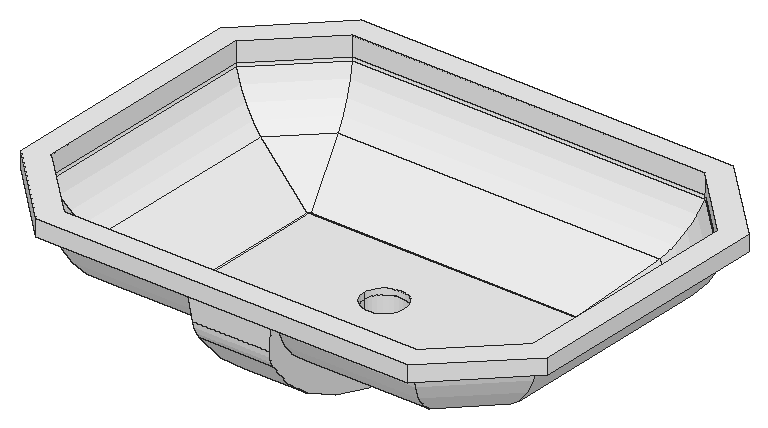
Revit family "xxxBasin-Undercounter-DXV-Belshire-D20205000", category Plumbing Fixtures, Revit 2019
Family settings
  Round Connector Dimension = Use Diameter
  Part Type = Normal
  OmniClass Number = 23.45.05.14.14
  OmniClass Title = Sinks/Lavatories
  Work Plane-Based = Yes
  Always vertical = No
  Cut with Voids When Loaded = Yes
  Shared = Yes
  Room Calculation Point = No
Parameters (values of type "D20205000.415")
  Width = 19"
  Waste Connection Height = 21"
  Waste Connection Diameter = 1 1/4"
  Waste Connection = yes
  Warranty Documentation Link = "https://www.dxv.com/-/media/files/dxv/warranty/dxv_warranty_booklet.ashx"
  WFU = 2
  Vent Connection = no
  URL = "https://www.dxv.com/"
  Revised Date = "04/18/2022"
  Product Page URL = "https://www.dxv.com/product/belshire-undermount-sink"
  Product Documentation Link = "https://dxv01.blob.core.windows.net/dxv-product-pdf-files/spec_D20205000_Belshire_uc_sink.pdf"
  Price = "Prices may vary. Please consult Manufacturer Representative for most up-to-date price list."  # constant formula
  Overflow Location = "Front"
  Optional Belshire Grid Drain D35170460.XXX = no
  Model = "D20205000.415"
  Material = "Vitreous China-DXV-415-Canvas White-Glossy"
  Manufacturer = "DXV"
  Length = 14 5/8"
  Installation Type = "Undermount"
  Hot Water Connection Width = 4"
  Hot Water Connection Height = 23 1/2"
  Hot Water Connection Diameter = 3/8"
  Height = 5 1/2"
  HWFU = 1.5
  HW Connection = yes
  Finish = Vitreous China-DXV-415-Canvas White-Glossy
  Description = "DXV Belshire Undermount Sink"
  Default Elevation = 34"
  Creation Date = "7/10/2020"  # constant formula
  Compliance Certifications = "Meets or Exceeds ASME A112.29.2 / CSA B45.1"
  Cold Water Connection Width = 4"
  Cold Water Connection Height = Hot Water Connection Height  # 23 1/2"
  Cold Water Connection Diameter = 3/8"
  CWFU = 1.5
  CW Connection = yes
  Basin Shape = "Rectangular"
  Assembly Code = "D2010310"
Reference planes (in)
  plane 1 "Center (Front/Back)": y = 0
  plane 2: z = 0
  plane 3 "Center (Left/Right)": x = 0
  plane 4: y = -2
  plane 5: y = -4
  plane 6: z = -0.75
  plane 7: z = -34
  plane 8: z = -13
  plane 9: z = -10.5
  plane 10: x = -4
  plane 11: x = 4
  plane 12: y = -0.03125
  plane 13: y = -18.625
  plane 14: x = -9.5
  plane 15: x = 9.5
  plane 16: z = -6.25
  plane 17: z = -4.25
  plane 18: z = -1.3125
  plane 19: x = -4
  plane 20: x = 4
  plane 21: y = -4.8125
  plane 22: y = -17.8125
  plane 23: y = -11.3125
  plane 24: x = -8.6875
  plane 25: x = 8.6875
Forms (in)
  Extrusion 1, solid, material "Vitreous China-DXV-415-Canvas White-Glossy" <- "Finish"
    sketch origin (0, 0, 0) x (1, 0, 0) y (0, 1, 0)
      loop
        line (6.68998, -4) -> (-6.68998, -4) -> (-9.5, -6.81002) -> (-9.5, -15.81498) -> (-6.68998, -18.625) -> (6.68998, -18.625) -> (9.5, -15.81498) -> (9.5, -6.81002) -> (6.68998, -4)
      loop
        line (-8.6875, -7.14656) -> (-8.6875, -15.47844) -> (-6.35344, -17.8125) -> (6.35344, -17.8125) -> (8.6875, -15.47844) -> (8.6875, -7.14656) -> (6.35344, -4.8125) -> (-6.35344, -4.8125) -> (-8.6875, -7.14656)
    from -1.3125 to -0.75
  Revolve 2, solid, material "Vitreous China-DXV-415-Canvas White-Glossy" <- "Finish"
    sketch origin (0, -11.3125, -0.14189) x (1, 0, 0) y (0, 0, 1)
      loop
        line (0.75, -6.10811) -> (1.12047, -6.10811)
        arc (1.12047, -6.10811) -> (1.20248, -6.07745) -> (1.24425, -6.00051) r 0.125
        line (1.24425, -6.00051) -> (1.47986, -4.3241) -> (0.75, -4.3241) -> (0.75, -6.10811)
      axis (0, -6.10811) -> (0, -4.3241)
    angle from 0 to 360
  Extrusion 3, void
    sketch origin (0, 0.75, 0) x (1, 0, 0) y (0, 1, 0)
      loop
        circle (0, -12.0625) r 0.75
    from -6.25 to -3.75
  Extrusion 4, void
    sketch origin (0, 0, -11.85438) x (1, 0, 0) y (0, 0, 1)
      loop
        circle (0, 9.75282) r 0.1875
      loop
        circle (0.75, 9.75282) r 0.1875
      loop
        circle (-0.75, 9.75282) r 0.1875
    from 17.17056 to 18.10795
  Extrusion 5, void
    sketch origin (0, 0, 0) x (1, 0, 0) y (0, 1, 0)
      loop
        line (-8.6875, -7.14656) -> (-8.6875, -15.47844) -> (-6.35344, -17.8125) -> (6.35344, -17.8125) -> (8.6875, -15.47844) -> (8.6875, -7.14656) -> (6.35344, -4.8125) -> (-6.35344, -4.8125) -> (-8.6875, -7.14656)
    from -6.25 to 0
  Extrusion 6, solid, material "Vitreous China-DXV-415-Canvas White-Glossy" <- "Finish", not visible
    sketch origin (0, 0, 0) x (1, 0, 0) y (0, 0, 1)
      loop
        circle (0, -13) r 0.625
      loop
        circle (-4, -10.5) r 0.1875
      loop
        circle (4, -10.5) r 0.1875
    from 0 to 0.03125
  Extrusion 7, void
    sketch origin (0.30804, 0, -4.61572) x (1, 0, 0) y (0, 0, 1)
      loop
        line (-1.28133, -1.23637) -> (-1.8154, 3.30322) -> (-2.40742, 3.30322) -> (-2.40742, -1.63428) -> (1.79134, -1.63428) -> (1.79134, 3.30322) -> (1.19931, 3.30322) -> (0.66524, -1.23637) -> (-1.28133, -1.23637)
    from 7.14656 to 18.625
  Extrusion 8, solid, material "Vitreous China-DXV-415-Canvas White-Glossy" <- "Finish"
    sketch origin (0.22014, 0, 0) x (0, 1, 0) y (0, 0, 1)
      loop
        arc (-18.20634, -2.36293) -> (-18.13436, -2.68521) -> (-17.9805, -2.97739) r 1.25
        arc (-17.9805, -2.97739) -> (-17.16398, -3.91721) -> (-16.17985, -4.67975) r 6.35305
        arc (-16.17985, -4.67975) -> (-14.15052, -5.61644) -> (-11.94965, -6.00599) r 8.71213
        line (-11.94965, -6.00599) -> (-11.94965, -4.40671) -> (-13.92909, -4.40671)
        arc (-13.92909, -4.40671) -> (-15.28954, -3.94032) -> (-16.56811, -3.28182) r 9.90494
        arc (-16.56811, -3.28182) -> (-17.48246, -2.43986) -> (-18.0059, -1.3125) r 3.19201
        line (-18.0059, -1.3125) -> (-18.29824, -1.3125) -> (-18.20634, -2.36293)
    from -1.84514 to 1.40486
  Sweep 9, solid, material "Vitreous China-DXV-415-Canvas White-Glossy" <- "Finish"
    path origin (-60.41868, -180, -1.3125) x (-1, 0, 0) y (0, -1, 0)
      loop
        line (-54.06525, -175.1875) -> (-51.73118, -172.85344) -> (-51.73118, -164.52156) -> (-54.06525, -162.1875) -> (-66.77212, -162.1875) -> (-69.10618, -164.52156) -> (-69.10618, -172.85344) -> (-66.77212, -175.1875) -> (-54.06525, -175.1875)
    profile origin (0, -4.8125, -1.3125) x (0, 1, 0) y (0, 0, 1)
      loop
        line (0.25768, -0.00005) -> (0, -0.00005) -> (0, -0.13123)
        arc (0, -0.13123) -> (-0.00513, -0.19092) -> (-0.02037, -0.24887) r 0.34991
        arc (-0.02037, -0.24887) -> (-0.53931, -1.14927) -> (-1.34214, -1.80918) r 2.90289
        arc (-1.34214, -1.80918) -> (-2.56232, -2.42254) -> (-3.82992, -2.93072) r 16.16632
        arc (-3.82992, -2.93072) -> (-3.84945, -2.93579) -> (-3.86956, -2.9375) r 0.11918
        line (-3.86956, -2.9375) -> (-3.93668, -2.9375) -> (-3.93668, -3.15349) -> (-3.86309, -3.15349)
        arc (-3.86309, -3.15349) -> (-2.49636, -2.68442) -> (-1.21182, -2.02266) r 9.96744
        arc (-1.21182, -2.02266) -> (-0.27511, -1.15809) -> (0.25768, -0.00005) r 3.25451
  Extrusion 10, solid, material "Vitreous China-DXV-415-Canvas White-Glossy" <- "Finish"
    sketch origin (-60.41868, -180, -1.3125) x (-1, 0, 0) y (0, -1, 0)
      loop
        line (-55.66786, -166.15219) -> (-55.69587, -166.12418) -> (-65.14149, -166.12418) -> (-65.1695, -166.15219) -> (-65.1695, -171.22281) -> (-65.14149, -171.25082) -> (-55.69587, -171.25082) -> (-55.66786, -171.22281) -> (-55.66786, -166.15219)
    from -3.15349 to -2.9375
Cuts and joins
  Extrusion 4 cuts Extrusion 1
  Extrusion 4 cuts Revolve 2
  Extrusion 3, Extrusion 4, Extrusion 7 cuts Extrusion 8
  Extrusion 4 cuts Sweep 9
  Extrusion 3, Extrusion 4 cuts Extrusion 10
  joined: Extrusion 1, Revolve 2, Extrusion 8, Sweep 9, Extrusion 10
Lines and regions (in)
  Masking region 1
    outline origin (-60.41868, -180, -1.3125) x (-1, 0, 0) y (0, -1, 0)
      loop
        line (-53.7287, -176) -> (-50.91868, -173.18998) -> (-50.91868, -164.18502) -> (-53.7287, -161.375) -> (-67.10867, -161.375) -> (-69.91868, -164.18502) -> (-69.91868, -173.18998) -> (-67.10867, -176) -> (-53.7287, -176)
  symbolic lines, detail levels medium+fine
    curve 1: line (-6.35344, -4.8125, -1.3125) -> (-8.6875, -7.14656, -1.3125)
    curve 2: line (-8.6875, -7.14656, -1.3125) -> (-8.6875, -15.47844, -1.3125)
    curve 3: line (-8.6875, -15.47844, -1.3125) -> (-6.35344, -17.8125, -1.3125)
    curve 4: line (-6.35344, -17.8125, -1.3125) -> (6.35344, -17.8125, -1.3125)
    curve 5: line (6.35344, -17.8125, -1.3125) -> (8.6875, -15.47844, -1.3125)
    curve 6: line (8.6875, -15.47844, -1.3125) -> (8.6875, -7.14656, -1.3125)
    curve 7: line (8.6875, -7.14656, -1.3125) -> (6.35344, -4.8125, -1.3125)
    curve 8: line (6.35344, -4.8125, -1.3125) -> (-6.35344, -4.8125, -1.3125)
    curve 9: circle (0, -11.3125, -1.3125) r 0.75 normal (0, 0, 1)
    curve 10: spline (-4.85758, -8.73297, -1.3125) -> (-5.07089, -8.64442, -1.3125) -> (-5.28325, -8.55631, -1.3125) -> (-5.49462, -8.46863, -1.3125) -> (-5.70496, -8.38142, -1.3125) -> (-5.91423, -8.29469, -1.3125) -> (-6.12239, -8.20845, -1.3125) -> (-6.32941, -8.12271, -1.3125) -> (-6.53526, -8.0375, -1.3125) -> (-6.73989, -7.95283, -1.3125) -> (-6.94327, -7.86871, -1.3125) -> (-7.14535, -7.78515, -1.3125) -> (-7.34612, -7.70218, -1.3125)
    curve 11: spline (-4.76703, -8.64242, -1.3125) -> (-4.85525, -8.42897, -1.3125) -> (-4.94311, -8.2165, -1.3125) -> (-5.03057, -8.00505, -1.3125) -> (-5.11764, -7.79465, -1.3125) -> (-5.20428, -7.58535, -1.3125) -> (-5.2905, -7.37717, -1.3125) -> (-5.37626, -7.17016, -1.3125) -> (-5.46156, -6.96435, -1.3125) -> (-5.54638, -6.75978, -1.3125) -> (-5.63071, -6.55649, -1.3125) -> (-5.71452, -6.35451, -1.3125) -> (-5.79782, -6.15388, -1.3125)
    curve 12: spline (4.76703, -8.64242, -1.3125) -> (4.85558, -8.42911, -1.3125) -> (4.94369, -8.21675, -1.3125) -> (5.03137, -8.00538, -1.3125) -> (5.11858, -7.79504, -1.3125) -> (5.20531, -7.58577, -1.3125) -> (5.29155, -7.37761, -1.3125) -> (5.37729, -7.17059, -1.3125) -> (5.4625, -6.96474, -1.3125) -> (5.54717, -6.76011, -1.3125) -> (5.63129, -6.55673, -1.3125) -> (5.71485, -6.35465, -1.3125) -> (5.79782, -6.15388, -1.3125)
    curve 13: spline (7.34612, -7.70218, -1.3125) -> (7.14549, -7.78548, -1.3125) -> (6.94351, -7.86929, -1.3125) -> (6.74022, -7.95362, -1.3125) -> (6.53565, -8.03844, -1.3125) -> (6.32984, -8.12374, -1.3125) -> (6.12283, -8.2095, -1.3125) -> (5.91465, -8.29572, -1.3125) -> (5.70535, -8.38236, -1.3125) -> (5.49495, -8.46943, -1.3125) -> (5.2835, -8.55689, -1.3125) -> (5.07103, -8.64475, -1.3125) -> (4.85758, -8.73297, -1.3125)
    curve 14: spline (4.85758, -13.89203, -1.3125) -> (5.07089, -13.98058, -1.3125) -> (5.28325, -14.06869, -1.3125) -> (5.49462, -14.15637, -1.3125) -> (5.70496, -14.24358, -1.3125) -> (5.91423, -14.33031, -1.3125) -> (6.12239, -14.41655, -1.3125) -> (6.32941, -14.50229, -1.3125) -> (6.53526, -14.5875, -1.3125) -> (6.73989, -14.67217, -1.3125) -> (6.94327, -14.75629, -1.3125) -> (7.14535, -14.83985, -1.3125) -> (7.34612, -14.92282, -1.3125)
    curve 15: spline (5.79782, -16.47112, -1.3125) -> (5.71452, -16.27049, -1.3125) -> (5.63071, -16.06851, -1.3125) -> (5.54638, -15.86522, -1.3125) -> (5.46156, -15.66065, -1.3125) -> (5.37626, -15.45484, -1.3125) -> (5.2905, -15.24783, -1.3125) -> (5.20428, -15.03965, -1.3125) -> (5.11764, -14.83035, -1.3125) -> (5.03057, -14.61995, -1.3125) -> (4.94311, -14.4085, -1.3125) -> (4.85525, -14.19603, -1.3125) -> (4.76703, -13.98258, -1.3125)
    curve 16: spline (-4.76703, -13.98258, -1.3125) -> (-4.85558, -14.19589, -1.3125) -> (-4.94369, -14.40825, -1.3125) -> (-5.03137, -14.61962, -1.3125) -> (-5.11858, -14.82996, -1.3125) -> (-5.20531, -15.03923, -1.3125) -> (-5.29155, -15.24739, -1.3125) -> (-5.37729, -15.45441, -1.3125) -> (-5.4625, -15.66026, -1.3125) -> (-5.54717, -15.86489, -1.3125) -> (-5.63129, -16.06827, -1.3125) -> (-5.71485, -16.27035, -1.3125) -> (-5.79782, -16.47112, -1.3125)
    curve 17: spline (-7.34612, -14.92282, -1.3125) -> (-7.14549, -14.83952, -1.3125) -> (-6.94351, -14.75571, -1.3125) -> (-6.74022, -14.67138, -1.3125) -> (-6.53565, -14.58656, -1.3125) -> (-6.32984, -14.50126, -1.3125) -> (-6.12283, -14.4155, -1.3125) -> (-5.91465, -14.32928, -1.3125) -> (-5.70535, -14.24264, -1.3125) -> (-5.49495, -14.15557, -1.3125) -> (-5.2835, -14.06811, -1.3125) -> (-5.07103, -13.98025, -1.3125) -> (-4.85758, -13.89203, -1.3125)
    curve 18: spline (-8.66756, -15.47017, -1.3125) -> (-8.60163, -15.44188, -1.3125) -> (-8.52651, -15.40997, -1.3125) -> (-8.44249, -15.37454, -1.3125) -> (-8.34987, -15.33573, -1.3125) -> (-8.249, -15.29368, -1.3125) -> (-8.14023, -15.24853, -1.3125) -> (-8.02397, -15.20047, -1.3125) -> (-7.90065, -15.14966, -1.3125) -> (-7.77072, -15.09629, -1.3125) -> (-7.63465, -15.04056, -1.3125) -> (-7.49295, -14.98266, -1.3125) -> (-7.34612, -14.92282, -1.3125)
    curve 19: spline (-5.79782, -16.47112, -1.3125) -> (-5.85932, -16.61726, -1.3125) -> (-5.91859, -16.7584, -1.3125) -> (-5.97539, -16.89402, -1.3125) -> (-6.02953, -17.02364, -1.3125) -> (-6.0808, -17.14677, -1.3125) -> (-6.12902, -17.26296, -1.3125) -> (-6.17401, -17.37179, -1.3125) -> (-6.21561, -17.47285, -1.3125) -> (-6.25365, -17.56579, -1.3125) -> (-6.28801, -17.65025, -1.3125) -> (-6.31856, -17.72593, -1.3125) -> (-6.34518, -17.79256, -1.3125)
    curve 20: spline (6.34517, -17.79256, -1.3125) -> (6.31688, -17.72663, -1.3125) -> (6.28497, -17.65151, -1.3125) -> (6.24954, -17.56749, -1.3125) -> (6.21073, -17.47487, -1.3125) -> (6.16868, -17.374, -1.3125) -> (6.12353, -17.26523, -1.3125) -> (6.07547, -17.14897, -1.3125) -> (6.02466, -17.02565, -1.3125) -> (5.97129, -16.89572, -1.3125) -> (5.91556, -16.75965, -1.3125) -> (5.85766, -16.61795, -1.3125) -> (5.79782, -16.47112, -1.3125)
    curve 21: spline (7.34612, -14.92282, -1.3125) -> (7.49226, -14.98432, -1.3125) -> (7.6334, -15.04359, -1.3125) -> (7.76902, -15.10039, -1.3125) -> (7.89864, -15.15453, -1.3125) -> (8.02177, -15.2058, -1.3125) -> (8.13796, -15.25402, -1.3125) -> (8.24679, -15.29901, -1.3125) -> (8.34785, -15.34061, -1.3125) -> (8.44079, -15.37865, -1.3125) -> (8.52525, -15.41301, -1.3125) -> (8.60093, -15.44356, -1.3125) -> (8.66756, -15.47018, -1.3125)
    curve 22: spline (8.66756, -7.15483, -1.3125) -> (8.60163, -7.18312, -1.3125) -> (8.52651, -7.21503, -1.3125) -> (8.44249, -7.25046, -1.3125) -> (8.34987, -7.28927, -1.3125) -> (8.249, -7.33132, -1.3125) -> (8.14023, -7.37647, -1.3125) -> (8.02397, -7.42453, -1.3125) -> (7.90065, -7.47534, -1.3125) -> (7.77072, -7.52871, -1.3125) -> (7.63465, -7.58444, -1.3125) -> (7.49295, -7.64234, -1.3125) -> (7.34612, -7.70218, -1.3125)
    curve 23: spline (5.79782, -6.15388, -1.3125) -> (5.85932, -6.00774, -1.3125) -> (5.91859, -5.8666, -1.3125) -> (5.97539, -5.73098, -1.3125) -> (6.02953, -5.60136, -1.3125) -> (6.0808, -5.47823, -1.3125) -> (6.12902, -5.36204, -1.3125) -> (6.17401, -5.25321, -1.3125) -> (6.21561, -5.15215, -1.3125) -> (6.25365, -5.05921, -1.3125) -> (6.28801, -4.97475, -1.3125) -> (6.31856, -4.89907, -1.3125) -> (6.34518, -4.83244, -1.3125)
    curve 24: spline (-5.79782, -6.15388, -1.3125) -> (-5.85766, -6.00705, -1.3125) -> (-5.91556, -5.86535, -1.3125) -> (-5.97129, -5.72928, -1.3125) -> (-6.02466, -5.59935, -1.3125) -> (-6.07547, -5.47603, -1.3125) -> (-6.12353, -5.35977, -1.3125) -> (-6.16868, -5.251, -1.3125) -> (-6.21073, -5.15013, -1.3125) -> (-6.24954, -5.05751, -1.3125) -> (-6.28497, -4.97349, -1.3125) -> (-6.31688, -4.89837, -1.3125) -> (-6.34517, -4.83244, -1.3125)
    curve 25: spline (-7.34612, -7.70218, -1.3125) -> (-7.49226, -7.64068, -1.3125) -> (-7.6334, -7.58141, -1.3125) -> (-7.76902, -7.52461, -1.3125) -> (-7.89864, -7.47047, -1.3125) -> (-8.02177, -7.4192, -1.3125) -> (-8.13796, -7.37098, -1.3125) -> (-8.24679, -7.32599, -1.3125) -> (-8.34785, -7.28439, -1.3125) -> (-8.44079, -7.24635, -1.3125) -> (-8.52525, -7.21199, -1.3125) -> (-8.60093, -7.18144, -1.3125) -> (-8.66756, -7.15482, -1.3125)
Dimensions and locks (in)
  plane 4 to plane 1 "Center (Front/Back)" = 2"
  plane 5 to plane 4 = 2"
  "Hot Water Connection Width": plane 10 to plane 3 "Center (Left/Right)"
  "Cold Water Connection Width": plane 11 to plane 3 "Center (Left/Right)"
  "Waste Connection Height": plane 8 to plane 7
  "Hot Water Connection Height": plane 9 to plane 7
  "Default Elevation": level to plane 7
  level to plane 6 = 3/4"
  locked: plane 12 to plane 1 "Center (Front/Back)" at 0.03125
  "Length": plane 13 to plane 5
  "Width": plane 14 to plane 15
  "Height": plane 6 to plane 16
  plane 6 to plane 17 = 3 1/2"
  plane 20 to plane 3 "Center (Left/Right)" to plane 19 = 4", 4"
  plane 22 to plane 21 = 13"
  plane 24 to plane 25 = 17 3/8"
  equal spacing: plane 24, plane 3 "Center (Left/Right)", plane 25
  equal spacing: plane 22, plane 23, plane 21
  plane 6 to plane 18 = 9/16"
  aligned and locked: plane 10 to Extrusion 6 sketch curve
  aligned and locked: plane 9 to Extrusion 6 sketch curve  (x2)
  aligned and locked: plane 11 to Extrusion 6 sketch curve
  aligned and locked: plane 3 "Center (Left/Right)" to Extrusion 6 sketch curve
  aligned and locked: plane 8 to Extrusion 6 sketch curve
  aligned and locked: Extrusion 6 to plane 1 "Center (Front/Back)"
  aligned and locked: plane 12 to Extrusion 6
  aligned and locked: plane 1 "Center (Front/Back)" to Extrusion 6
  aligned and locked: Extrusion 6 to plane 12
  aligned and locked: Extrusion 1 to plane 18
  aligned and locked: Extrusion 1 sketch curve to plane 5
  aligned and locked: Extrusion 1 sketch curve to plane 14
  aligned and locked: Extrusion 1 sketch curve to plane 13
  aligned and locked: Extrusion 1 sketch curve to plane 15
  aligned and locked: Extrusion 1 sketch curve to plane 24
  aligned and locked: Extrusion 1 sketch curve to plane 21
  aligned and locked: Extrusion 1 sketch curve to plane 25
  aligned and locked: Extrusion 1 sketch curve to plane 22
  aligned and locked: cut or joined group of Extrusion 1, Revolve 2, Extrusion 3, Extrusion 4, Extrusion 7, Extrusion 8, Sweep 9, Extrusion 10 to Sweep 9 sketch curve  (x4)
  aligned and locked: Extrusion 7 to cut or joined group of Extrusion 1, Revolve 2, Extrusion 3, Extrusion 4, Extrusion 7, Extrusion 8, Sweep 9, Extrusion 10
  aligned and locked: Revolve 2 sketch curve to cut or joined group of Extrusion 1, Revolve 2, Extrusion 3, Extrusion 4, Extrusion 7, Extrusion 8, Sweep 9, Extrusion 10
  aligned and locked: plane 16 to Extrusion 7 sketch curve
  aligned and locked: Extrusion 10 sketch curve to cut or joined group of Extrusion 1, Revolve 2, Extrusion 3, Extrusion 4, Extrusion 7, Extrusion 8, Sweep 9, Extrusion 10  (x8)
  aligned and locked: Extrusion 5 sketch curve to cut or joined group of Extrusion 1, Revolve 2, Extrusion 3, Extrusion 4, Extrusion 7, Extrusion 8, Sweep 9, Extrusion 10  (x8)
  aligned and locked: Extrusion 5 to cut or joined group of Extrusion 1, Revolve 2, Extrusion 3, Extrusion 4, Extrusion 7, Extrusion 8, Sweep 9, Extrusion 10
  aligned and locked: Extrusion 7 to Extrusion 1  (x2)
  aligned and locked: curve 1 to Extrusion 5
  aligned and locked: curve 2 to Extrusion 5
  aligned and locked: curve 3 to Extrusion 5
  aligned and locked: curve 4 to Extrusion 5
  aligned and locked: curve 5 to Extrusion 5
  aligned and locked: curve 6 to Extrusion 5
  aligned and locked: curve 7 to Extrusion 5
  aligned and locked: curve 8 to Extrusion 5
  aligned and locked: curve 9 to cut or joined group of Extrusion 1, Revolve 2, Extrusion 3, Extrusion 4, Extrusion 7, Extrusion 8, Sweep 9, Extrusion 10
  aligned and locked: Masking region 1 sketch curve to cut or joined group of Extrusion 1, Revolve 2, Extrusion 3, Extrusion 4, Extrusion 7, Extrusion 8, Sweep 9, Extrusion 10  (x8)
Automatic sketch dimensions
  Extrusion 3 sketch curve to plane 3 "Center (Left/Right)" = 0"
  Extrusion 4 sketch curve to plane 3 "Center (Left/Right)" = 0"
  Extrusion 4 sketch curve to plane 3 "Center (Left/Right)" = 3/4"
  Extrusion 4 sketch curve to Extrusion 4 sketch curve = 3/4"
  Extrusion 4 sketch curve to plane 6 = 1 45/128"  (x2)
  Extrusion 4 sketch curve to Extrusion 4 sketch curve = 0"
  plane 23 to Extrusion 3 sketch curve = 0"
  plane 24 to Sweep 9 sketch curve = 2.33406"  (x2)
  plane 21 to Sweep 9 sketch curve = 2.33406"  (x2)
  Sweep 9 sketch curve to Sweep 9 sketch curve = 2.33406"
  Sweep 9 sketch curve to plane 22 = 2.33406"  (x2)
  Sweep 9 sketch curve to plane 25 = 2.33406"
  plane 24 to Extrusion 1 sketch curve = 1.99752"  (x2)
  Extrusion 1 sketch curve to Extrusion 1 sketch curve = 0.33655"  (x8)
  Extrusion 1 sketch curve to plane 25 = 2.33406"  (x2)
  Extrusion 1 sketch curve to plane 22 = 1.99752"  (x2)
  plane 21 to Extrusion 1 sketch curve = 2.33406"  (x2)
  Revolve 2 sketch curve to plane 3 "Center (Left/Right)" = 0"
  Revolve 2 sketch curve to plane 16 = 0"
  plane 3 "Center (Left/Right)" to Revolve 2 sketch curve = 3/4"
  Revolve 2 sketch curve to Revolve 2 sketch curve = 0.37047"
  plane 16 to Revolve 2 sketch curve = 0.1076"
  Revolve 2 sketch curve to Revolve 2 sketch curve = 0.12378"
  Revolve 2 sketch curve to Revolve 2 sketch curve = 0.72986"
  Revolve 2 sketch curve to plane 16 = 3/4"
  plane 17 to Revolve 2 sketch curve = 3/4"
  Sweep 9 sketch curve to profile plane = 0"
  Sweep 9 sketch curve to plane 18 = 0.13123"
  Sweep 9 sketch curve to Sweep 9 sketch curve = 0.34991"
  plane 18 to Sweep 9 sketch curve = 0.72708"
  Sweep 9 sketch curve to Sweep 9 sketch curve = 2.40437"
  Sweep 9 sketch curve to Sweep 9 sketch curve = 0.15379"
  profile plane to Sweep 9 sketch curve = 3.86309"
  Sweep 9 sketch curve to Sweep 9 sketch curve = 0.00647"
  Sweep 9 sketch curve to Sweep 9 sketch curve = 0.07359"
  profile plane to Sweep 9 sketch curve = 6.40686"
  Sweep 9 sketch curve to Sweep 9 sketch curve = 2.79956"
  Sweep 9 sketch curve to plane 18 = 0.00005"
  Sweep 9 sketch curve to profile plane = 0.25768"
  Sweep 9 sketch curve to plane 18 = 2.81832"
  Sweep 9 sketch curve to Sweep 9 sketch curve = 0.11918"
  Sweep 9 sketch curve to Sweep 9 sketch curve = 0.21599"
  Sweep 9 sketch curve to Sweep 9 sketch curve = 0.02777"
  plane 18 to Sweep 9 sketch curve = 6.48389"
  Sweep 9 sketch curve to Sweep 9 sketch curve = 5.83149"
  Sweep 9 sketch curve to Sweep 9 sketch curve = 0"  (x2)
  Extrusion 8 sketch curve to plane 18 = 0"
  Extrusion 8 sketch curve to plane 13 = 0.32676"
  plane 22 to Extrusion 8 sketch curve = 0.39384"
  plane 22 to Extrusion 8 sketch curve = 0.1934"
  Extrusion 8 sketch curve to plane 22 = 0.8514"
  plane 6 to Extrusion 8 sketch curve = 0.19235"
  Extrusion 8 sketch curve to Extrusion 8 sketch curve = 2.05667"
  plane 23 to Extrusion 8 sketch curve = 1.48695"
  plane 23 to Extrusion 8 sketch curve = 0.63715"
  plane 23 to Extrusion 8 sketch curve = 0.23171"
  plane 23 to Extrusion 8 sketch curve = 0.09314"
  Extrusion 8 sketch curve to plane 18 = 0.94148"
  Extrusion 8 sketch curve to plane 18 = 1.05043"
  plane 16 to Extrusion 8 sketch curve = 0.24401"
  level to Extrusion 8 sketch curve = 0.6993"
  Extrusion 8 sketch curve to Extrusion 8 sketch curve = 1.9974"
  Extrusion 8 sketch curve to Extrusion 8 sketch curve = 0"  (x2)
  Extrusion 8 sketch curve to plane 17 = 0.15671"
  Extrusion 8 sketch curve to Extrusion 8 sketch curve = 1.97944"
  Extrusion 7 sketch curve to plane 18 = 0"  (x2)
  plane 19 to Extrusion 7 sketch curve = 1.90062"
  Extrusion 7 sketch curve to Extrusion 7 sketch curve = 0.59203"  (x2)
  plane 16 to Extrusion 7 sketch curve = 0.39791"
  Extrusion 7 sketch curve to plane 3 "Center (Left/Right)" = 0.97328"
  plane 3 "Center (Left/Right)" to Extrusion 7 sketch curve = 0.97328"
  plane 3 "Center (Left/Right)" to Extrusion 7 sketch curve = 1.50735"
  curve 12 to plane 15 = 0.01386"
  plane 15 to curve 15 = 0.18807"
  curve 13 to plane 5 = 0.18807"
  plane 15 to curve 13 = 6.95245"
  curve 14 to plane 13 = 0.01386"
  plane 15 to curve 14 = 7.0361"
  curve 13 to plane 25 = 1.34138"
  curve 14 to plane 25 = 1.34138"
  curve 7 to curve 12 = 0.55562"
  curve 4 to curve 15 = 0.55562"
  plane 20 to curve 13 = 0.85758"
  plane 20 to curve 14 = 0.85758"
  curve 13 to curve 12 = 0.09055"
  curve 14 to curve 15 = 0.09055"  (x2)
  curve 15 to plane 20 = 1.22826"
  curve 12 to plane 20 = 1.557"
  plane 3 "Center (Left/Right)" to curve 17 = 0.42439"
  plane 3 "Center (Left/Right)" to curve 10 = 0.28823"
  plane 23 to curve 14 = 0.2555"
  curve 13 to plane 3 "Center (Left/Right)" = 0.42439"
  plane 19 to curve 16 = 1.557"
  plane 19 to curve 11 = 1.22826"
  curve 16 to plane 19 = 0.76703"
  curve 11 to plane 19 = 0.76703"
  curve 11 to curve 10 = 0.09055"
  curve 16 to curve 17 = 0.09055"
  curve 16 to curve 3 = 0.55562"
  curve 11 to curve 1 = 0.55562"
  curve 17 to curve 18 = 1.23842"
  curve 18 to curve 18 = 1.25012"
  plane 24 to curve 10 = 1.34138"
  plane 24 to curve 18 = 0.01994"
  curve 18 to plane 24 = 0.17196"
  plane 14 to curve 16 = 0.01386"
  curve 11 to plane 14 = 0.18807"
  plane 13 to curve 17 = 0.18807"
  curve 17 to plane 14 = 6.95245"
  plane 5 to curve 10 = 0.01386"
  curve 10 to plane 14 = 7.0361"
  curve 11 to plane 1 "Center (Front/Back)" = 2.95245"
  curve 12 to plane 1 "Center (Front/Back)" = 3.0361"
  plane 21 to curve 12 = 1.34138"
  plane 21 to curve 11 = 1.34138"
  curve 1 to curve 10 = 0.55562"
  curve 6 to curve 13 = 0.55562"
  curve 12 to curve 15 = 0.05819"
  curve 11 to curve 16 = 0.19435"
  curve 12 to curve 14 = 0.1038"
  curve 17 to curve 11 = 0.03236"
  curve 17 to curve 16 = 0.09055"
  curve 18 to curve 18 = 0.47181"
  curve 19 to curve 18 = 0.84853"
  curve 19 to plane 22 = 0.01994"
  curve 19 to curve 3 = 0.00825"
  plane 22 to curve 19 = 0.17883"
  curve 20 to curve 4 = 0.08095"
  curve 20 to plane 22 = 0.01994"
  curve 4 to curve 20 = 0.00827"
  plane 20 to curve 20 = 1.32601"
  plane 25 to curve 21 = 0.17883"
  curve 21 to plane 25 = 0.01994"
  curve 21 to curve 20 = 0.80252"
  curve 21 to curve 20 = 0.84853"
  plane 25 to curve 22 = 0.17196"
  curve 22 to plane 25 = 0.01994"
  curve 22 to curve 22 = 1.25012"
  curve 22 to curve 6 = 0.08095"
  curve 23 to curve 7 = 0.06435"
  plane 21 to curve 23 = 0.01994"
  curve 7 to curve 23 = 0.00825"
  curve 22 to curve 23 = 0.84853"
  curve 24 to plane 19 = 1.32601"
  plane 21 to curve 24 = 0.01994"
  curve 24 to curve 1 = 0.00827"
  curve 24 to plane 21 = 0.17196"
  curve 24 to curve 25 = 0.80252"
  plane 24 to curve 25 = 0.01994"
  curve 25 to plane 24 = 0.17883"
  curve 25 to curve 1 = 0.06435"
  radius of Extrusion 3 sketch curve = 3/4"
  radius of Extrusion 4 sketch curve = 3/16"  (x3)
  radius of Extrusion 6 sketch curve = 5/8"
  radius of Extrusion 6 sketch curve = 3/16"  (x2)
Connectors (in)
  piping at (0, 0, -13), diameter 1.25, driven by "WFU", driven by "Waste Connection Diameter"
    settings: on Extrusion 6, index 1, connector inside diameter 24", connector length 0", flow factor 0, pipe flow 0 GPM, pressure drop 0.00 psi, fitting loss kfactor 0, connector angle 0.00°, fixture units 2, engagement length 0", angle of deflection 0.00°, flow configuration 3, flow direction 2, fitting loss method 0, system type 16, joint type 0, gender type 0, connector reference index -1, connector utility 0, adjustable connector yes, is connector primary yes, connector description "1-1/4\" O.D. Waste Outlet"
  piping at (4, 0, -10.5), diameter 0.375, driven by "Cold Water Connection Diameter", driven by "CWFU"
    settings: on Extrusion 6, index 2, connector inside diameter 24", connector length 0", flow factor 0, pipe flow 0 GPM, pressure drop 0.00 psi, fitting loss kfactor 0, connector angle 0.00°, fixture units 1.5, engagement length 0", angle of deflection 0.00°, flow configuration 3, flow direction 1, fitting loss method 0, system type 20, joint type 0, gender type 0, connector reference index -1, connector utility 0, adjustable connector no, is connector primary no, connector description "3/8\" CW Supply Inlet"
  piping at (-4, 0, -10.5), diameter 0.375, driven by "Hot Water Connection Diameter", driven by "HWFU"
    settings: on Extrusion 6, index 3, connector inside diameter 24", connector length 0", flow factor 0, pipe flow 0 GPM, pressure drop 0.00 psi, fitting loss kfactor 0, connector angle 0.00°, fixture units 1.5, engagement length 0", angle of deflection 0.00°, flow configuration 3, flow direction 1, fitting loss method 0, system type 19, joint type 0, gender type 0, connector reference index -1, connector utility 0, adjustable connector no, is connector primary no, connector description "3/8\" HW Supply Inlet"
